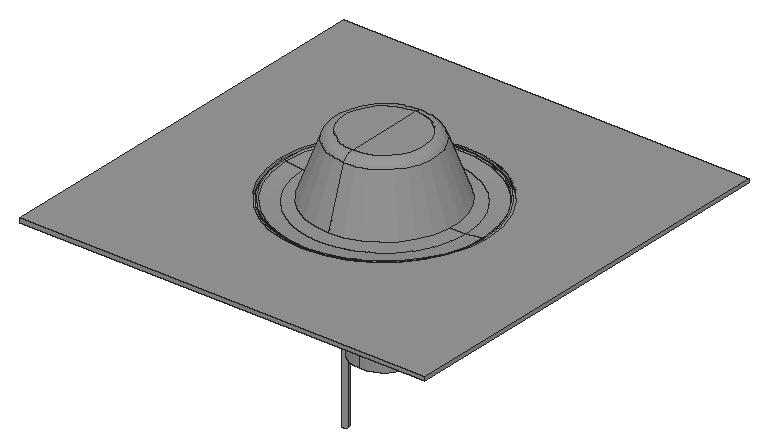
Revit family "HL_RU_Roof drain_HL62.1H-B-221103", category Sanitärinstallationen, Revit 2020
Family settings
  Bemaßung runder Anschluss = Durchmesser verwenden
  Teiletyp = Normal
  OmniClass-Nummer = 23.70.50.21.24.14
  OmniClass-Titel = Deck Waste Water Drains
  Arbeitsebenenbasiert = Nein
  Immer vertikal = Ja
  Beim Laden mit Abzugskörper schneiden = Nein
  Gemeinsam genutzt = Nein
  Raumberechnungspunkt = Ja
Parameters (values of type "HL_Кровельная воронка_HL62.1H_7")
  РЕШЁТКА = "Laubfangkorb d 145mm"
  РАЗМЕР = "DN75"
  ПРОПУСКНАЯ СПОСОБНОСТЬ [instance] = 0.0 L/s
  ПРОИЗВОДИТЕЛЬНОСТЬ = "9,9 l/s"
  ПРАВОВАЯ ИНФОРМАЦИЯ = "Авторские права(©), права на дизайн или какие либо другие права интелектуальной собственности являются исключительной собственностью компании HL Hutterer & Lechner. Изменению не подлежит. Файл семейства с данными о прозводителе изделия защищен паролем с водяным знаком."
  НОМИНАЛЬНЫЙ ДИАМЕТР = 75 mm
  МАТЕРИАЛ = "PP"
  ВЫСОТА МОНТАЖА = "100 mm"
  ВЕС = "1,99 [kg]"
  Vorgabe-Ansicht = 0 mm
  Hersteller = "HL Hutterer & Lechner GmbH"  # constant formula
  URL = "http://www.hutterer-lechner.com/ru/products/catalog/roof-drains/HL62.1H/7.aspx"
  Материал плитка [instance] = none
  Lüftungsverbindung = no
  Abwasserrohrverbindung = yes
  HW-Verbindung = no
  KW-Verbindung = no
  Beschreibung = "Кровельные воронки"
  Model = "HL62.1H_7"
  Assembly Code = " "
  Typenkommentare = "HL62.1H/7 Кровельная воронка DN75 с битумным полотном и подогревом (10_30Вт/230В),"
  Keynote = "HL62.1H_7"
  Bысота монтажа [instance] = 0 mm  # constant formula
  G [instance] = 180.00°  # constant formula
  EAN = "9003076806225"
  D [instance] = if(НОМИНАЛЬНЫЙ ДИАМЕТР = 160 mm, 64.6 mm, 71.7 mm) + Bысота монтажа  # 71.7 mm
  C [instance] = if(Bысота монтажа - 68 mm < 0 mm, 0 mm, Bысота монтажа - 68 mm)  # 0 mm
  B [instance] = 100 mm  # constant formula
  A [instance] = if(B - 100 mm > 15 mm, B - 100 mm, 15 mm)  # 15 mm
Types (5, lengths in mm): name | РАЗМЕР | ПРОИЗВОДИТЕЛЬНОСТЬ | НОМИНАЛЬНЫЙ ДИАМЕТР | ВЕС | URL | Model | Typenkommentare | Keynote | EAN | D
  (no name) | "DN75" | "9,9 l/s" | 75 | "1,99 [kg]" | "http://www.hutterer-lechner.com/ru/products/catalog/roof-drains/HL62.1H/7.aspx" | "HL62.1H_7" | "HL62.1H/7 Кровельная воронка DN75 с битумным полотном и подогревом (10_30Вт/230В)," | "HL62.1H_7" | "9003076806225" | 71.7
  HL_Кровельная воронка_HL62.1H_1 | "DN110" | "10,7 l/s" | 110 | "1,97 [kg]" | "http://www.hutterer-lechner.com/ru/products/catalog/roof-drains/HL62.1H/1.aspx" | "HL62.1H_1" | "HL62.1H/1 Кровельная воронка DN110 с битумным полотном и подогревом (10_30Вт/230В)," | "HL62.1H_1" | "9003076816217" | 71.7
  HL_Кровельная воронка_HL62.1H_2 | "DN125" | "14,0 l/s" | 125 | "1,97 [kg]" | "http://www.hutterer-lechner.com/ru/products/catalog/roof-drains/HL62.1H/2.aspx" | "HL62.1H_2" | "HL62.1H/2 Кровельная воронка DN125 с битумным полотном и подогревом (10_30Вт/230В)," | "HL62.1H_2" | "9003076826216" | 71.7
  HL_Кровельная воронка_HL62.1H_5 | "DN160" | "14,1 l/s" | 160 | "2 [kg]" | "http://www.hutterer-lechner.com/ru/products/catalog/roof-drains/HL62.1H/5.aspx" | "HL62.1H_5" | "HL62.1H/5 Кровельная воронка DN160 с битумным полотном и подогревом (10_30Вт/230В)," | "HL62.1H_5" | "9003076836215" | 64.6
  HL_Кровельная воронка_HL62.1H_7 | "DN75" | "9,9 l/s" | 75 | "1,99 [kg]" | "http://www.hutterer-lechner.com/ru/products/catalog/roof-drains/HL62.1H/7.aspx" | "HL62.1H_7" | "HL62.1H/7 Кровельная воронка DN75 с битумным полотном и подогревом (10_30Вт/230В)," | "HL62.1H_7" | "9003076806225" | 71.7
Reference planes
  plane 1 "Center (Front/Back)": y = 0
  plane 2: z = 0
  plane 3 "Center (Left/Right)": x = 0
  plane 4: z = -100
  plane 5: z = 0
Lines and regions (mm)
  model lines, style "InvisibleLines"
    curve 1: line (0, 0, 0) -> (0, 0, 20)
  model lines, style "PlumbingFixtures", detail levels coarse+medium
    curve 2: line (0, 0, -100) -> (0, 0, -85)
    curve 3: line (0, 0, -85) -> (-85, 0, 0)
    curve 4: line (0, 0, -85) -> (85, 0, 0)
    curve 6: line (0, 0, -100) -> (0, 0, -171.7)
  reference lines, not visible
    curve 5: line (0, 0, -100) -> (0, 0, -171.7)
  symbolic lines, style "PlumbingFixtures", detail levels coarse+medium
    curve 7: line (-75, 75, 0) -> (75, 75, 0)
    curve 8: line (-75, -75, 0) -> (-75, 75, 0)
    curve 9: line (75, -75, 0) -> (-75, -75, 0)
    curve 10: line (75, 75, 0) -> (75, -75, 0)
    curve 11: line (-75, 75, 0) -> (-145.711, 145.711, 0)
    curve 12: line (75, 75, 0) -> (145.711, 145.711, 0)
    curve 13: line (-75, -75, 0) -> (-145.711, -145.711, 0)
    curve 14: line (75, -75, 0) -> (145.711, -145.711, 0)
  symbolic lines, style "PlumbingFixtures", not visible, detail levels coarse+medium
    curve 15: line (-75, 75, 0) -> (75, 75, 0)
    curve 16: line (-75, -75, 0) -> (-75, 75, 0)
    curve 17: line (75, -75, 0) -> (-75, -75, 0)
    curve 18: line (75, 75, 0) -> (75, -75, 0)
    curve 19: line (-75, 75, 0) -> (-145.711, 145.711, 0)
    curve 20: line (75, 75, 0) -> (145.711, 145.711, 0)
    curve 21: line (-75, -75, 0) -> (-145.711, -145.711, 0)
    curve 22: line (75, -75, 0) -> (145.711, -145.711, 0)
Text (mm)
  text "FLOOR" at (-162.344, 0, -10.979), in view "Drain Construction View"
Dimensions and locks
  "B": plane 2 to plane 4
  "Bысота монтажа": plane 2 to plane 5
  "A": curve 4 to plane 4
  "D": curve 5 to curve 5
  "D": curve 6 to curve 6
  locked: curve 4 to plane 3 "Center (Left/Right)" (angle 45.00°)
  locked: plane 3 "Center (Left/Right)" to curve 3 (angle 45.00°)
  "G": angle curve 5 to plane 3 "Center (Left/Right)"
  aligned and locked: level to plane 2
  aligned and locked: plane 2 to curve 4
  aligned and locked: plane 2 to curve 3
  aligned and locked: plane 4 to curve 5
  aligned and locked: plane 3 "Center (Left/Right)" to curve 5
  aligned and locked: plane 4 to curve 2
  aligned and locked: curve 6 to plane 3 "Center (Left/Right)"
  aligned and locked: curve 6 to plane 4
  aligned and locked: nested 1 to plane 5
  aligned and locked: nested 1 to plane 3 "Center (Left/Right)"
  aligned and locked: plane 2 to nested 2
  aligned and locked: plane 3 "Center (Left/Right)" to nested 2
Automatic sketch dimensions
  curve 2 to plane 3 "Center (Left/Right)" = 0 mm
  curve 1 to plane 3 "Center (Left/Right)" = 0 mm
  curve 1 to level = 0 mm
  level to curve 1 = 20 mm
Nested families
  nested 1: "HL_кровельные воронки - корпус_HL62.1H" at (0, 0, -4.7), НОМИНАЛЬНЫЙ ДИАМЕТР <- "НОМИНАЛЬНЫЙ ДИАМЕТР", type "HL_кровельные воронки - корпус_HL62.1H"
    with НОМИНАЛЬНЫЙ ДИАМЕТР 75 mm, OOD 48 mm, L 65 mm
  nested 2: "HL_Вспомогательные материалы-Противопожарная защита_HL062.1E" at (0, 0, 0), type "HL_Вспомогательные материалы-Противопожарная защита_HL062.1E"
Connectors
  piping at (0, 0, -171.7), diameter 75, driven by "ПРОПУСКНАЯ СПОСОБНОСТЬ", driven by "НОМИНАЛЬНЫЙ ДИАМЕТР"
    settings: on curve 5, index 1, connector inside diameter 609.6 mm, connector length 0 mm, flow factor 0, pipe flow 0.0 L/s, pressure drop 0.0 Pa, fitting loss kfactor 0, connector angle 0.00°, fixture units 0, engagement length 0 mm, angle of deflection 0.00°, flow configuration 1, flow direction 2, fitting loss method 0, system type 16, joint type 0, gender type 0, connector reference index -1, connector utility 0, adjustable connector yes, is connector primary yes, connector description ""
Definition of nested family "HL_кровельные воронки - корпус_HL62.1H"
  Parameters (values of type "HL_кровельные воронки - корпус_HL62.1H")
    НОМИНАЛЬНЫЙ ДИАМЕТР [instance] = 110 mm
    Default Elevation = 0 mm
    Manufacturer = ""
    URL = ""
    Description = ""
    OOD [instance] = if(НОМИНАЛЬНЫЙ ДИАМЕТР = 75 mm, 48 mm, if(НОМИНАЛЬНЫЙ ДИАМЕТР = 110 mm, 63.7 mm, if(НОМИНАЛЬНЫЙ ДИАМЕТР = 125 mm, 69 mm, if(НОМИНАЛЬНЫЙ ДИАМЕТР = 160 mm, 111 mm, 0 mm))))  # 63.7 mm
    Model = ""
    L [instance] = if(НОМИНАЛЬНЫЙ ДИАМЕТР = 160 mm, 57.9 mm, 65 mm)  # 65 mm
    Type Comments = ""
    Cost = 0
  Reference planes
    plane 1 "Střed (vpředu/vzadu)": y = 0
    plane 2: z = 0
    plane 3 "Střed (vlevo/vpravo)": x = 0
    plane 4: z = -102.02
  Forms (mm)
    Revolve 1, solid, detail levels fine
      sketch origin (0, 0, 0) x (1, 0, 0) y (0, 0, 1)
        loop
          line (-77.396, -30.784) -> (-82.772, -25.408) -> (-82.772, -4.05) -> (-102.772, -4.05) -> (-113.899, 0) -> (-177, 0) -> (-177, -3) -> (-127.89, -3) -> (-105.416, -11.18) -> (-88.084, -11.18) -> (-88.084, -27.167) -> (-79.985, -31.474) -> (-79.985, -102.02) -> (0, -102.02) -> (0, -35.37) -> (-76.081, -35.37) -> (-77.396, -30.784)
        axis (0, 0) -> (0, -102.02)
      angle from 0 to 360
    Extrusion 2, solid, detail levels fine
      sketch origin (0, 0, 0) x (1, 0, 0) y (0, 1, 0)
        loop
          line (-250, 250) -> (-250, -250) -> (250, -250) -> (250, 250) -> (-250, 250)
        loop
          circle (0, 0) r 127.89
      from 0 to 4.7
    Sweep 3, solid, detail levels fine
      path origin (-63.7, 0, -263.782) x (0, 0, 1) y (-1, 0, 0)
        loop
          line (0, 0) -> (166.285, 0)
          arc (166.285, 0) -> (176.156, -4.089) -> (180.245, -13.96) r 13.96
          line (180.245, -13.96) -> (180.245, -31.056)
      profile origin (-63.7, 0, -180.64) x (-1, 0, 0) y (0, -1, 0)
        loop
          circle (0, 0) r 4
    Revolve 4, solid, detail levels fine
      sketch origin (0, 0, 0) x (1, 0, 0) y (0, 0, 1)
        loop
          line (-124.587, 4.544) -> (-123.526, 3.482) -> (-101.674, 0.256) -> (-79.715, 0.256) -> (-79.715, -21.456) -> (-75.875, -21.456) -> (-75.875, -25.656) -> (-74.936, -25.656) -> (-74.936, -20.879) -> (-79.089, -20.879) -> (-79.089, 1.344) -> (-101.196, 1.344) -> (-121.893, 3.519) -> (-123.356, 4.544) -> (-124.587, 4.544)
        axis (0, 4.544) -> (0, -25.656)
      angle from 0 to 360
    Extrusion 5, solid, detail levels fine
      sketch origin (-79.985, 0, -102.02) x (0, -1, 0) y (-1, 0, 0)
        loop
          circle (0, -79.985) r 55
      from 0 to 65
  Lines and regions (mm)
    reference lines
      curve 1: line (-63.7, 0, -263.782) -> (-63.7, 0, -203.782)
  Dimensions and locks
    "OOD": plane 3 "Střed (vlevo/vpravo)" to curve 1
    "L": plane 4 to Extrusion 5
    "НОМИНАЛЬНЫЙ ДИАМЕТР": diameter of Extrusion 5 sketch curve
    aligned and locked: level to plane 2
    aligned and locked: Extrusion 5 to plane 4
  Automatic sketch dimensions
    Revolve 1 sketch curve to level = 0 mm
    Revolve 1 sketch curve to plane 3 "Střed (vlevo/vpravo)" = 0 mm  (x2)
    Revolve 1 sketch curve to level = 35.37 mm
    Revolve 1 sketch curve to plane 3 "Střed (vlevo/vpravo)" = 76.081 mm
    Revolve 1 sketch curve to level = 30.784 mm
    Revolve 1 sketch curve to Revolve 1 sketch curve = 1.315 mm
    Revolve 1 sketch curve to Revolve 1 sketch curve = 3.904 mm
    Revolve 1 sketch curve to level = 4.05 mm
    Revolve 1 sketch curve to Revolve 1 sketch curve = 5.376 mm
    Revolve 1 sketch curve to Revolve 1 sketch curve = 5.312 mm
    Revolve 1 sketch curve to Revolve 1 sketch curve = 14.688 mm
    Revolve 1 sketch curve to Revolve 1 sketch curve = 2.644 mm
    Revolve 1 sketch curve to Revolve 1 sketch curve = 11.127 mm
    Revolve 1 sketch curve to level = 3 mm
    Revolve 1 sketch curve to Revolve 1 sketch curve = 13.991 mm
    Revolve 1 sketch curve to Revolve 1 sketch curve = 49.11 mm
    Revolve 1 sketch curve to Revolve 1 sketch curve = 66.65 mm
    Revolve 1 sketch curve to Revolve 1 sketch curve = 0.689 mm
    Revolve 1 sketch curve to Revolve 1 sketch curve = 4.306 mm
    Revolve 1 sketch curve to Revolve 1 sketch curve = 1.759 mm
    Revolve 1 sketch curve to Revolve 1 sketch curve = 7.13 mm
    Revolve 1 sketch curve to Revolve 1 sketch curve = 197.98 mm
    level to Revolve 1 sketch curve = 295.621 mm
    plane 1 "Střed (vpředu/vzadu)" to Extrusion 2 sketch curve = 0 mm
    Extrusion 2 sketch curve to plane 3 "Střed (vlevo/vpravo)" = 0 mm
    Extrusion 2 sketch curve to plane 3 "Střed (vlevo/vpravo)" = 250 mm
    plane 3 "Střed (vlevo/vpravo)" to Extrusion 2 sketch curve = 250 mm
    plane 1 "Střed (vpředu/vzadu)" to Extrusion 2 sketch curve = 250 mm
    Extrusion 2 sketch curve to plane 1 "Střed (vpředu/vzadu)" = 250 mm
    plane 1 "Střed (vpředu/vzadu)" to Sweep 3 sketch curve = 0 mm
    Sweep 3 sketch curve to profile plane = 0 mm
    Revolve 4 sketch curve to plane 3 "Střed (vlevo/vpravo)" = 0 mm
    Revolve 4 sketch curve to level = 25.656 mm
    Revolve 4 sketch curve to plane 3 "Střed (vlevo/vpravo)" = 74.936 mm
    Revolve 4 sketch curve to Revolve 4 sketch curve = 0.939 mm
    level to Revolve 4 sketch curve = 1.344 mm
    Revolve 4 sketch curve to Revolve 4 sketch curve = 4.153 mm
    Revolve 4 sketch curve to Revolve 4 sketch curve = 0.626 mm
    Revolve 4 sketch curve to Revolve 4 sketch curve = 21.481 mm
    level to Revolve 4 sketch curve = 0.256 mm
    Revolve 4 sketch curve to Revolve 4 sketch curve = 0.479 mm
    level to Revolve 4 sketch curve = 3.519 mm
    Revolve 4 sketch curve to Revolve 4 sketch curve = 20.219 mm
    level to Revolve 4 sketch curve = 4.544 mm
    Revolve 4 sketch curve to Revolve 4 sketch curve = 1.463 mm
    level to Revolve 4 sketch curve = 3.482 mm
    Revolve 4 sketch curve to Revolve 4 sketch curve = 0.169 mm
    Revolve 4 sketch curve to Revolve 4 sketch curve = 1.231 mm
    Revolve 4 sketch curve to Revolve 4 sketch curve = 4.2 mm
    Revolve 4 sketch curve to Revolve 4 sketch curve = 0.577 mm
    Revolve 4 sketch curve to Revolve 4 sketch curve = 274.344 mm
    level to Revolve 4 sketch curve = 295.621 mm
    Sweep 3 sketch curve to curve 1 = 0 mm  (x2)
    Sweep 3 sketch curve to Sweep 3 sketch curve = 17.096 mm
    curve 1 to Sweep 3 sketch curve = 13.96 mm
    curve 1 to Sweep 3 sketch curve = 106.285 mm
    plane 4 to curve 1 = 161.762 mm
    curve 1 to curve 1 = 60 mm
    plane 1 "Střed (vpředu/vzadu)" to Extrusion 5 sketch curve = 0 mm
    Extrusion 5 sketch curve to plane 3 "Střed (vlevo/vpravo)" = 0 mm
    radius of Extrusion 2 sketch curve = 127.89 mm
    radius of Sweep 3 sketch curve = 4 mm
Definition of nested family "HL_Вспомогательные материалы-Противопожарная защита_HL062.1E"
  Parameters
    ПРАВОВАЯ ИНФОРМАЦИЯ = ""
    ВЕС = "0,097 [kg]"
    Default Elevation = 0 mm
    Manufacturer = ""
    URL = ""
    Материал плитка = none
    Description = ""
    Model = ""
    Type Comments = "HL062.1E, domed plastic grate"
    Keynote = ""
    Пропускная способность [instance] = 0.0 L/s
    EAN = "9003076006212"
    Cost = 0
  Types (2, lengths in mm): name | ПРАВОВАЯ ИНФОРМАЦИЯ | Manufacturer | URL | Description | Model | Type Comments | Keynote
    (no name) | "" | "" | "" | "" | "" | "HL062.1E, domed plastic grate" | ""
    HL_Вспомогательные материалы-Противопожарная защита_HL062.1E | "Авторские права(©), права на дизайн или какие либо другие права интелектуальной собственности являются исключительной собственностью компании HL Hutterer & Lechner. Изменению не подлежит. Файл семейства с данными о прозводителе изделия защищен паролем с водяным знаком." | "HL Hutterer & Lechner GmbH" | "http://www.hutterer-lechner.com/ru/products/catalog/roof-drains/HL062.1E.aspx" | "Кровельные воронки" | "HL062.1E" | "HL062.1E, Листвоуловитель" | "HL062.1E"
  Reference planes
    plane 1 "Střed (vpředu/vzadu)": y = 0
    plane 2: z = 0
    plane 3 "Střed (vlevo/vpravo)": x = 0
  Forms (mm)
    Revolve 1, solid, detail levels fine
      sketch origin (0, 0, 0) x (0, 1, 0) y (0, 0, 1)
        loop
          line (0, 75) -> (0, 60.2) -> (47.074, 60.2) -> (68.985, 0) -> (86.249, 0) -> (61.992, 66.646)
          arc (61.992, 66.646) -> (56.733, 72.731) -> (49.016, 75) r 14.255
          line (49.016, 75) -> (0, 75)
        axis (0, 75) -> (0, 0)
      angle from 0 to 360
    Extrusion 2, solid, detail levels fine
      sketch origin (0, 0, 0) x (0, 1, 0) y (1, 0, 0)
        loop
          circle (0, 0) r 78.587
        loop
          circle (0, 0) r 70.981
      from 0 to 16.7
    Extrusion 3, solid, detail levels fine
      sketch origin (0, 0, -16.7) x (-1, 0, 0) y (0, 1, 0)
        loop
          circle (0, 0) r 70
        loop
          circle (0, 0) r 74.546
      from 0 to 12.3
  Dimensions and locks
    aligned and locked: level to plane 2
